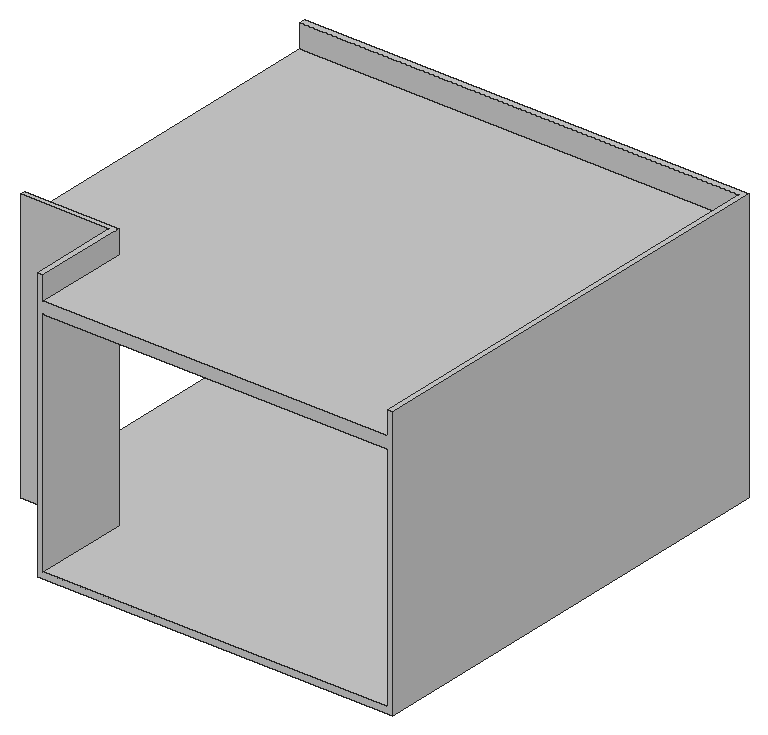
Revit family "LAMP_FIL 120 CORNER SURFACE", category Modelos genéricos, Revit 2018
Family settings
  Puede alojar armadura = No
  Cota de conector redondo = Diámetro de uso
  Tipo de pieza = Normal
  Se basa en plano de trabajo = No
  Siempre vertical = Sí
  Corte con vacíos al cargar = No
  Compartido = No
  Punto de cálculo de habitación = No
Parameters (values of type "GREY")
  Product datasheet = ""
  Product code = "F12SUHCG"
  Modelo = Product code  # "F12SUHCG"
  Material [instance] = LAMP_Aluminio Perfil Fil GR
  Manufacturer name = "LAMP"
  Manufacturer country = "Spain"
  Manufacturer URL = "http://www.lamp.es/en"
  Last update = "02/02/2022"
  Installation instructions = ""
  Finish = "Gloss grey"
  Fabricante = Manufacturer name  # "LAMP"
  Description = ""
  Accessory type = "Assembly"
Types (3, lengths in mm): name | Product code | Modelo | Material | Finish
  (no name) | "F12SUHCG" | "F12SUHCG" | LAMP_Aluminio Perfil Fil GR | "Gloss grey"
  GREY | "F12SUHCG" | "F12SUHCG" | LAMP_Aluminio Perfil Fil GR | "Gloss grey"
  WHITE | "F12SUHCW" | "F12SUHCW" | LAMP_Aluminio Perfil Fil BL | "Matt white"
Reference planes
  plane 1 "Centro (Frontal/Posterior)": y = 0
  plane 2: z = 0
  plane 3 "Centro (Izquierda/Derecha)": x = 0
Forms (mm)
  Sweep 1, solid, material "LAMP_Aluminio Perfil Fil GR" <- "Material"
    path origin (0, 0, 0) x (1, 0, 0) y (0, 1, 0)
      loop
        line (0, 150) -> (150, 150) -> (150, 0)
    profile origin (75, 150, 0) x (0, 1, 0) y (0, 0, 1)
      loop
        line (-120, 0) -> (0, 0) -> (0, 92) -> (-1.75, 92) -> (-1.75, 84) -> (-112, 84) -> (-118.25, 84) -> (-118.25, 92) -> (-120, 92) -> (-120, 0)
      loop
        line (-10, 80) -> (-118.25, 80) -> (-118.25, 2) -> (-60, 2) -> (-1.75, 2) -> (-1.75, 80) -> (-10, 80)
Text (mm)
  text "Any modification of the parameters and properties of the LAMP BIM models must be executed and validated by the LAMP technical department.\nPhone: +34 93 736 68 00\nE-mail: lamp@lamp.es\n\nLAMP reserves the right to modify the technical specifications of its products." at (-8707.056, -54235.317, 34126.695), in view "Preview"
Dimensions and locks
  aligned and locked: level to plane 2
